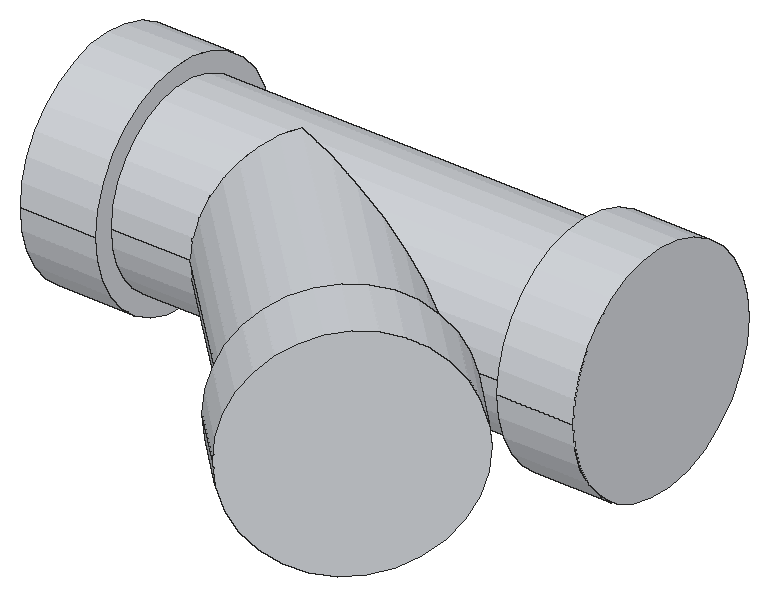
Revit family "M_Y de 45 graus - PVC - Sch 40 - DWV", category Conexões de tubo, Revit 2019
Family settings
  Cota do conector redondo = Usar raio
  Tipo de parte = Ipsílon
  Número OmniClass = 23.60.30.11.14
  Título OmniClass = Pipework Fittings
  ID de item do Seek = Wye 45 Deg - PVC - Sch 40 - DWV-0000-CAN-ENU
  Com base no plano de trabalho = Não
  Sempre na vertical = Sim
  Corte com vazios quando carregada = Não
  Compartilhado = Não
Parameters (values of type "Padrão")
  Método de perda = Não definido
  Nome da tabela de pesquisa = "M_Wye 45 Deg - PVC - Sch 40 - DWV"
  Centro para legenda inferior do soquete [instance] = if(Ângulo > 90.00°, Execução do inferior do soquete até o inferior do soquete - Execução do centro até o soquete inferior, if(Centro para ramificação inferior do soquete * tan(Ângulo 1 / 2) > Raio externo do soquete, Execução do inferior do soquete até o inferior do soquete - Execução do centro até o soquete inferior, Raio externo do soquete / tan(Ângulo 1 / 2)))  # 65.088 mm
  Espessura da parede [instance] = size_lookup(Nome da tabela de pesquisa, "WThk", 0.02 * Diâmetro nominal + 3.274 mm, Diâmetro nominal)  # 3.962 mm
  Tamanho da marca de revisão [instance] = Diâmetro externo da conexão * 0.4  # 16.866 mm
  Raio externo do soquete [instance] = Diâmetro externo do soquete / 2  # 25.235 mm
  Diâmetro externo do soquete [instance] = Diâmetro da entrada do soquete + Espessura da parede * 2  # 50.47 mm
  Diâmetro da entrada do soquete [instance] = size_lookup(Nome da tabela de pesquisa, "SED", 1.04 * Diâmetro nominal + 9.426 mm, Diâmetro nominal)  # 42.545 mm
  Profundidade do soquete [instance] = size_lookup(Nome da tabela de pesquisa, "SDpt", 0.48 * Diâmetro nominal + 0.496 mm, Diâmetro nominal)  # 17.45 mm
  Execução do inferior do soquete até o inferior do soquete [instance] = size_lookup(Nome da tabela de pesquisa, "SBtSBR", 1.46 * Diâmetro nominal + 50.8 mm, Diâmetro nominal)  # 92.075 mm
  Raio nominal [instance] = 16 mm
  Diâmetro nominal [instance] = Raio nominal * 2  # 32 mm
  Raio externo da conexão [instance] = Diâmetro externo da conexão / 2  # 21.082 mm
  Diâmetro externo da conexão [instance] = size_lookup(Nome da tabela de pesquisa, "FOD", 1.04 * Diâmetro nominal + 9.128 mm, Diâmetro nominal)  # 42.164 mm
  Legenda da execução do centro até o soquete inferior [instance] = if(Ângulo < 90.00°, Execução do centro até o soquete inferior, if(and(Ângulo > 135.00°, Centro para ramificação inferior do soquete * tan(Ângulo 1 / 2) > Raio externo do soquete), Execução do centro até o soquete inferior, Raio externo do soquete / tan(Ângulo 1 / 2)))  # 26.988 mm
  Execução do centro até o soquete inferior [instance] = size_lookup(Nome da tabela de pesquisa, "CtSBR", 0.2 * Diâmetro nominal + 22.126 mm, Diâmetro nominal)  # 26.988 mm
  Centro para legenda da ramificação inferior do soquete [instance] = if(Centro para ramificação inferior do soquete * tan(Ângulo 1 / 2) > Raio externo do soquete, Centro para ramificação inferior do soquete, Raio externo do soquete / tan(Ângulo 1 / 2))  # 65.088 mm
  Centro para ramificação inferior do soquete [instance] = size_lookup(Nome da tabela de pesquisa, "CtSBB", 1.26 * Diâmetro nominal + 28.674 mm, Diâmetro nominal)  # 65.088 mm
  Ângulo 1 [instance] = if(Ângulo > 90.00°, 180.00° - Ângulo, Ângulo)  # 45.00°
  Ângulo [instance] = 45.00°
Reference planes
  plane 1 "Centro (Frente/Trás)": y = 0
  plane 2: z = 0
  plane 3 "Centro (Esquerda/Direita)": x = 0
  plane 4: x = -44.437
  plane 5: x = -26.987
  plane 6: x = 82.537
  plane 7: x = 65.088
Forms (mm)
  Sweep 1, solid, detail levels fine
    path in 3D
      loop
        line (-26.987, 0, 0) -> (-44.437, 0, 0)
    profile origin (-35.712, 0, 0) x (0, -1, 0) y (0, 0, 1)
      loop
        circle (0, 0) r 25.235
  Sweep 2, solid, detail levels fine
    path in 3D
      loop
        line (-26.987, 0, 0) -> (65.088, 0, 0)
    profile origin (19.05, 0, 0) x (0, 1, 0) y (0, 0, 1)
      loop
        circle (0, 0) r 21.082
  Sweep 3, solid, detail levels fine
    path in 3D
      loop
        line (65.088, 0, 0) -> (82.537, 0, 0)
    profile origin (73.812, 0, 0) x (0, 1, 0) y (0, 0, 1)
      loop
        circle (0, 0) r 25.235
  Sweep 4, solid, detail levels fine
    path in 3D
      loop
        line (0, 0, 0) -> (46.024, -46.024, 0)
    profile origin (23.012, -23.012, 0) x (0.707107, 0.707107, 0) y (0, 0, 1)
      loop
        circle (0, 0) r 21.082
  Sweep 5, solid, detail levels fine
    path in 3D
      loop
        line (46.024, -46.024, 0) -> (58.363, -58.363, 0)
    profile origin (52.193, -52.193, 0) x (0.707107, 0.707107, 0) y (0, 0, 1)
      loop
        circle (0, 0) r 25.235
Cuts and joins
  joined: Sweep 1, Sweep 2, Sweep 3, Sweep 4, Sweep 5
Lines and regions (mm)
  model lines, detail levels coarse+medium
    curve 1: line (-26.987, 0, 0) -> (65.088, 0, 0)
    curve 2: line (-26.987, 0, 0) -> (-44.437, 0, 0)
    curve 3: line (65.088, 0, 0) -> (82.537, 0, 0)
    curve 4: line (0, 0, 0) -> (46.024, -46.024, 0)
    curve 5: line (46.024, -46.024, 0) -> (58.363, -58.363, 0)
    curve 11: line (-44.437, 0, 0) -> (-44.437, 16.866, 0)
    curve 12: line (-44.437, 0, 0) -> (-44.437, -16.866, 0)
    curve 13: line (82.537, 0, 0) -> (82.537, 16.866, 0)
    curve 14: line (82.537, 0, 0) -> (82.537, -16.866, 0)
    curve 15: line (58.363, -58.363, 0) -> (70.288, -46.437, 0)
    curve 16: line (58.363, -58.363, 0) -> (46.437, -70.288, 0)
  sketch lines
    curve 6: line (-26.987, 0, 0) -> (-44.437, 0, 0)
    curve 7: line (-26.987, 0, 0) -> (65.088, 0, 0)
    curve 8: line (65.088, 0, 0) -> (82.537, 0, 0)
    curve 9: line (0, 0, 0) -> (46.024, -46.024, 0)
    curve 10: line (46.024, -46.024, 0) -> (58.363, -58.363, 0)
  reference lines
    curve 17: line (-44.437, 0, 0) -> (-26.987, 0, 0)
    curve 18: line (82.537, 0, 0) -> (65.088, 0, 0)
    curve 19: line (0, 0, 0) -> (46.024, -46.024, 0)
    curve 20: line (46.024, -46.024, 0) -> (58.363, -58.363, 0)
    curve 21: line (58.363, -58.363, 0) -> (46.024, -46.024, 0)
Dimensions and locks
  "Legenda da execução do centro até o soquete inferior": curve 1 to plane 3 "Centro (Esquerda/Direita)"
  "Centro para legenda inferior do soquete": plane 3 "Centro (Esquerda/Direita)" to curve 1
  "Profundidade do soquete": curve 2 to curve 2
  "Profundidade do soquete": curve 3 to curve 3
  "Centro para legenda da ramificação inferior do soquete": curve 4 to curve 4
  "Profundidade do soquete": curve 5 to curve 5
  "Tamanho da marca de revisão": curve 11 to curve 11
  "Tamanho da marca de revisão": curve 12 to curve 12
  "Tamanho da marca de revisão": curve 13 to curve 13
  "Tamanho da marca de revisão": curve 14 to curve 14
  "Tamanho da marca de revisão": curve 15 to curve 15
  "Tamanho da marca de revisão": curve 16 to curve 16
  "Legenda da execução do centro até o soquete inferior": plane 5 to plane 3 "Centro (Esquerda/Direita)"
  "Profundidade do soquete": plane 4 to plane 5
  "Centro para legenda inferior do soquete": plane 3 "Centro (Esquerda/Direita)" to plane 7
  "Profundidade do soquete": plane 7 to plane 6
  "Centro para legenda da ramificação inferior do soquete": curve 19 to curve 20
  "Profundidade do soquete": curve 20 to curve 20
  "Raio externo do soquete": radius of Sweep 1 sketch curve
  "Raio externo da conexão": radius of Sweep 2 sketch curve
  "Raio externo do soquete": radius of Sweep 3 sketch curve
  "Raio externo da conexão": radius of Sweep 4 sketch curve
  "Raio externo do soquete": radius of Sweep 5 sketch curve
  "Ângulo": angle curve 4 to curve 1
  "Ângulo": angle curve 5 to curve 1
  angle curve 1 to curve 11 = 90.00°
  angle curve 12 to curve 1 = 90.00°
  angle curve 13 to curve 1 = 90.00°
  angle curve 1 to curve 14 = 90.00°
  angle curve 15 to curve 4 = 90.00°
  angle curve 4 to curve 16 = 90.00°
  "Ângulo": angle curve 19 to plane 1 "Centro (Frente/Trás)"
  "Ângulo": angle curve 20 to plane 1 "Centro (Frente/Trás)"
  "Ângulo": angle curve 21 to plane 1 "Centro (Frente/Trás)"
  aligned and locked: plane 1 "Centro (Frente/Trás)" to curve 1
  aligned and locked: plane 3 "Centro (Esquerda/Direita)" to curve 4
  aligned and locked: plane 1 "Centro (Frente/Trás)" to curve 4
  aligned and locked: plane 1 "Centro (Frente/Trás)" to Sweep 1 sketch curve
  aligned and locked: plane 2 to Sweep 1 sketch curve
  aligned and locked: plane 1 "Centro (Frente/Trás)" to Sweep 2 sketch curve
  aligned and locked: plane 2 to Sweep 2 sketch curve
  aligned and locked: plane 2 to Sweep 4 sketch curve
  aligned and locked: plane 2 to Sweep 5 sketch curve
  aligned and locked: plane 4 to curve 17
  aligned and locked: plane 1 "Centro (Frente/Trás)" to curve 17
  aligned and locked: plane 6 to curve 18
  aligned and locked: curve 18 to plane 1 "Centro (Frente/Trás)"
  aligned and locked: plane 1 "Centro (Frente/Trás)" to curve 19
  aligned and locked: plane 3 "Centro (Esquerda/Direita)" to curve 19
  aligned: plane 1 "Centro (Frente/Trás)" to cut or joined group of Sweep 1, Sweep 2, Sweep 3, Sweep 4, Sweep 5
Automatic sketch dimensions
  Sweep 3 sketch curve to profile plane = 0 mm  (x2)
  Sweep 4 sketch curve to profile plane = 0 mm
  Sweep 5 sketch curve to profile plane = 0 mm
  curve 17 to plane 5 = 0 mm
  curve 18 to plane 7 = 0 mm
Connectors
  piping at (-44.437, 0, 0), diameter 32, driven by "Raio nominal"
    settings: on cut or joined group of Sweep 1, Sweep 2, Sweep 3, Sweep 4, Sweep 5, index 1, connector inside diameter 32 mm, connector length 0 mm, flow factor 0, pipe flow 0.0 L/s, pressure drop 0.0 Pa, fitting loss kfactor 0, connector angle 0.00°, fixture units 0, engagement length 0 mm, angle of deflection 0.00°, flow configuration 0, flow direction 0, fitting loss method 0, system type 28, joint type 0, gender type 0, connector reference index 2, connector utility 0, adjustable connector no, is connector primary yes, connector description ""
  piping at (82.537, 0, 0), diameter 32, driven by "Raio nominal"
    settings: on cut or joined group of Sweep 1, Sweep 2, Sweep 3, Sweep 4, Sweep 5, index 2, connector inside diameter 32 mm, connector length 0 mm, flow factor 0, pipe flow 0.0 L/s, pressure drop 0.0 Pa, fitting loss kfactor 0, connector angle 0.00°, fixture units 0, engagement length 0 mm, angle of deflection 0.00°, flow configuration 0, flow direction 0, fitting loss method 0, system type 28, joint type 0, gender type 0, connector reference index 1, connector utility 0, adjustable connector no, is connector primary no, connector description ""
  piping at (58.363, -58.363, 0), diameter 32, driven by "Raio nominal", driven by "Ângulo"
    settings: on cut or joined group of Sweep 1, Sweep 2, Sweep 3, Sweep 4, Sweep 5, index 3, connector inside diameter 32 mm, connector length 0 mm, flow factor 0, pipe flow 0.0 L/s, pressure drop 0.0 Pa, fitting loss kfactor 0, connector angle 45.00°, fixture units 0, engagement length 0 mm, angle of deflection 0.00°, flow configuration 0, flow direction 0, fitting loss method 0, system type 28, joint type 0, gender type 0, connector reference index -1, connector utility 0, adjustable connector no, is connector primary no, connector description ""
